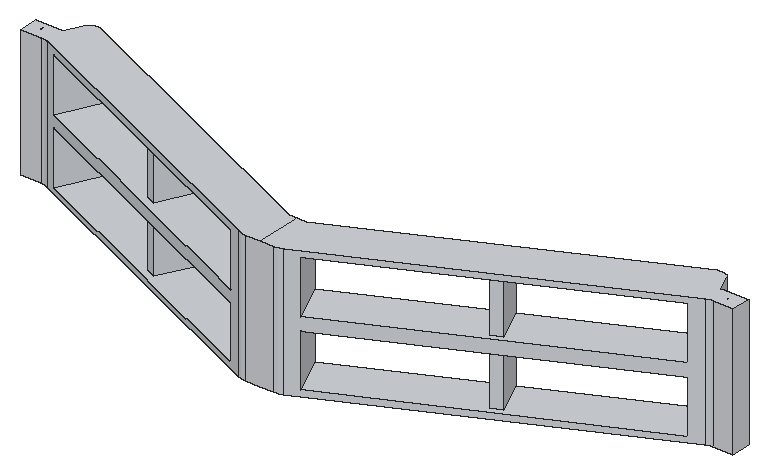
Revit family
Parameters (values of type "TEXT")
  Material ID = "760152793"
  Description = "SYSTIMAX 360 GigaSPEED X10D and GigaSPEED XL Evolve Angled 2U U/UTP Panel Kit"
Reference planes (in)
  plane 1 "Center (Front/Back)": y = 0
  plane 2: z = 0
  plane 3 "Center (Left/Right)": x = 0
  plane 4: x = 0
Forms (in)
  Extrusion 1, solid
    sketch origin (0, 0, 0) x (1, 0, 0) y (0, 0, 1)
      loop
        line (0, 1.72) -> (-9.5, 1.72) -> (-9.5, -1.75) -> (0, -1.75) -> (9.5, -1.75) -> (9.5, 1.72) -> (0, 1.72)
    from 0 to 5
  Extrusion 2, void
    sketch origin (0, 0, 0) x (1, 0, 0) y (0, 1, 0)
      loop
        line (0, -3.75) -> (0.22211, -3.75) -> (8.20539, -0.02733)
        arc (8.20539, -0.02733) -> (8.4054, -0.01671) -> (8.56751, -0.13432) r 0.3
        line (8.56751, -0.13432) -> (8.78, -0.59) -> (10.67789, -0.59) -> (10.67789, 1.58554) -> (-10.07211, 1.58554) -> (-10.07211, -0.59) -> (-8.78, -0.59) -> (-8.56751, -0.13432)
        arc (-8.56751, -0.13432) -> (-8.4054, -0.01671) -> (-8.20539, -0.02733) r 0.3
        line (-8.20539, -0.02733) -> (-0.22211, -3.75) -> (0, -3.75)
      loop
        line (0, -5) -> (-0.37185, -5)
        arc (-0.37185, -5) -> (-0.49223, -4.98735) -> (-0.60735, -4.94994) r 0.57899
        line (-0.60735, -4.94994) -> (-8.77297, -1.14225)
        arc (-8.77297, -1.14225) -> (-8.86654, -1.11064) -> (-8.96473, -1.1) r 0.45422
        line (-8.96473, -1.1) -> (-10.07211, -1.1) -> (-10.07211, -6.6) -> (10.67789, -6.6) -> (10.67789, -1.1) -> (8.96473, -1.1)
        arc (8.96473, -1.1) -> (8.86654, -1.11064) -> (8.77297, -1.14225) r 0.45422
        line (8.77297, -1.14225) -> (0.60735, -4.94994)
        arc (0.60735, -4.94994) -> (0.49223, -4.98735) -> (0.37185, -5) r 0.57899
        line (0.37185, -5) -> (0, -5)
    from -9.81041 to 12
  Extrusion 3, void
    sketch origin (-0.5, -5, 0) x (0.906308, -0.422618, 0) y (0, 0, -1)
      loop
        line (-8.78097, -1.575) -> (-0.48097, -1.575) -> (-0.48097, -0.145) -> (-8.78097, -0.145) -> (-8.78097, -1.575)
    from 0 to 0.2
  Extrusion 4, void
    sketch origin (0.5, -5, 0) x (-0.906308, -0.422618, 0) y (0, 0, 1)
      loop
        line (-8.78097, 1.575) -> (-8.78097, 0.145) -> (-0.48097, 0.145) -> (-0.48097, 1.575) -> (-8.78097, 1.575)
    from 0 to 0.2
  Extrusion 5, void
    sketch origin (0, 0, 0) x (1, 0, 0) y (0, 0, 1)
      loop
        line (-9.23838, 0.095) -> (-9.11238, 0.095)
        arc (-9.11238, 0.095) -> (-8.97238, 0.235) -> (-9.11238, 0.375) r 0.14
        line (-9.11238, 0.375) -> (-9.23838, 0.375)
        arc (-9.23838, 0.375) -> (-9.37838, 0.235) -> (-9.23838, 0.095) r 0.14
      loop
        line (-9.23838, 1.345) -> (-9.11238, 1.345)
        arc (-9.11238, 1.345) -> (-8.97238, 1.485) -> (-9.11238, 1.625) r 0.14
        line (-9.11238, 1.625) -> (-9.23838, 1.625)
        arc (-9.23838, 1.625) -> (-9.37838, 1.485) -> (-9.23838, 1.345) r 0.14
    from -1.65585 to 1.01797
  Extrusion 6, void
    sketch origin (0, 0, 0) x (-1, 0, 0) y (0, 0, -1)
      loop
        arc (-9.23838, -0.095) -> (-9.37838, -0.235) -> (-9.23838, -0.375) r 0.14
        line (-9.23838, -0.375) -> (-9.11238, -0.375)
        arc (-9.11238, -0.375) -> (-8.97238, -0.235) -> (-9.11238, -0.095) r 0.14
        line (-9.11238, -0.095) -> (-9.23838, -0.095)
      loop
        arc (-9.23838, -1.345) -> (-9.37838, -1.485) -> (-9.23838, -1.625) r 0.14
        line (-9.23838, -1.625) -> (-9.11238, -1.625)
        arc (-9.11238, -1.625) -> (-8.97238, -1.485) -> (-9.11238, -1.345) r 0.14
        line (-9.11238, -1.345) -> (-9.23838, -1.345)
    from -1.65585 to 1.01797
  Extrusion 7, void
    sketch origin (0.5, -5, -1.75) x (-0.906308, -0.422618, 0) y (0, 0, 1)
      loop
        line (-8.78097, 1.575) -> (-8.78097, 0.145) -> (-0.48097, 0.145) -> (-0.48097, 1.575) -> (-8.78097, 1.575)
    from 0 to 0.2
  Extrusion 8, void
    sketch origin (-0.5, -5, -1.75) x (0.906308, -0.422618, 0) y (0, 0, -1)
      loop
        line (-8.78097, -1.575) -> (-0.48097, -1.575) -> (-0.48097, -0.145) -> (-8.78097, -0.145) -> (-8.78097, -1.575)
    from 0 to 0.2
  Extrusion 9, void
    sketch origin (0, 0, -1.75) x (1, 0, 0) y (0, 0, 1)
      loop
        line (-9.23838, 0.095) -> (-9.11238, 0.095)
        arc (-9.11238, 0.095) -> (-8.97238, 0.235) -> (-9.11238, 0.375) r 0.14
        line (-9.11238, 0.375) -> (-9.23838, 0.375)
        arc (-9.23838, 0.375) -> (-9.37838, 0.235) -> (-9.23838, 0.095) r 0.14
      loop
        line (-9.23838, 1.345) -> (-9.11238, 1.345)
        arc (-9.11238, 1.345) -> (-8.97238, 1.485) -> (-9.11238, 1.625) r 0.14
        line (-9.11238, 1.625) -> (-9.23838, 1.625)
        arc (-9.23838, 1.625) -> (-9.37838, 1.485) -> (-9.23838, 1.345) r 0.14
    from -1.65585 to 1.01797
  Extrusion 10, void
    sketch origin (0, 0, -1.75) x (-1, 0, 0) y (0, 0, -1)
      loop
        arc (-9.23838, -0.095) -> (-9.37838, -0.235) -> (-9.23838, -0.375) r 0.14
        line (-9.23838, -0.375) -> (-9.11238, -0.375)
        arc (-9.11238, -0.375) -> (-8.97238, -0.235) -> (-9.11238, -0.095) r 0.14
        line (-9.11238, -0.095) -> (-9.23838, -0.095)
      loop
        arc (-9.23838, -1.345) -> (-9.37838, -1.485) -> (-9.23838, -1.625) r 0.14
        line (-9.23838, -1.625) -> (-9.11238, -1.625)
        arc (-9.11238, -1.625) -> (-8.97238, -1.485) -> (-9.11238, -1.345) r 0.14
        line (-9.11238, -1.345) -> (-9.23838, -1.345)
    from -1.65585 to 1.01797
  Extrusion 11, void
    sketch origin (-0.5, -5, 0) x (0.906308, -0.422618, 0) y (0, 0, -1)
      loop
        line (-8.78097, -1.575) -> (-4.78097, -1.575) -> (-4.78097, -0.145) -> (-8.78097, -0.145) -> (-8.78097, -1.575)
      loop
        line (-4.48097, -1.575) -> (-0.48097, -1.575) -> (-0.48097, -0.145) -> (-4.48097, -0.145) -> (-4.48097, -1.575)
    from 0 to 7.54866
  Extrusion 12, void
    sketch origin (0.5, -5, 0) x (-0.906308, -0.422618, 0) y (0, 0, 1)
      loop
        line (-8.78097, 1.575) -> (-8.78097, 0.145) -> (-4.78097, 0.145) -> (-4.78097, 1.575) -> (-8.78097, 1.575)
      loop
        line (-4.48097, 1.575) -> (-4.48097, 0.145) -> (-0.48097, 0.145) -> (-0.48097, 1.575) -> (-4.48097, 1.575)
    from 0 to 7.54866
  Extrusion 13, void
    sketch origin (-0.5, -5, -1.75) x (0.906308, -0.422618, 0) y (0, 0, -1)
      loop
        line (-8.78097, -1.575) -> (-4.78097, -1.575) -> (-4.78097, -0.145) -> (-8.78097, -0.145) -> (-8.78097, -1.575)
      loop
        line (-4.48097, -1.575) -> (-0.48097, -1.575) -> (-0.48097, -0.145) -> (-4.48097, -0.145) -> (-4.48097, -1.575)
    from 0 to 7.54866
  Extrusion 14, void
    sketch origin (0.5, -5, -1.75) x (-0.906308, -0.422618, 0) y (0, 0, 1)
      loop
        line (-8.78097, 1.575) -> (-8.78097, 0.145) -> (-4.78097, 0.145) -> (-4.78097, 1.575) -> (-8.78097, 1.575)
      loop
        line (-4.48097, 1.575) -> (-4.48097, 0.145) -> (-0.48097, 0.145) -> (-0.48097, 1.575) -> (-4.48097, 1.575)
    from 0 to 7.54866
Cuts and joins
  Extrusion 2, Extrusion 3, Extrusion 4, Extrusion 5, Extrusion 6, Extrusion 7, Extrusion 8, Extrusion 9, Extrusion 10, Extrusion 11, Extrusion 12, Extrusion 13, Extrusion 14 cuts Extrusion 1
